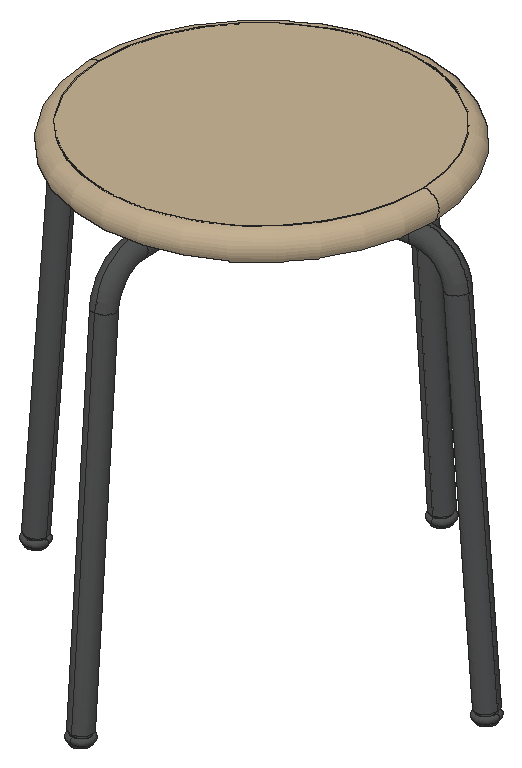
Revit family "NAU_Naughtone_Stng_Penny_AFTERQA", category Furniture, Revit 2020
Family settings
  OmniClass Number = 23.40.20.00
  OmniClass Title = General Furniture and Specialties
  Work Plane-Based = No
  Always vertical = Yes
  Cut with Voids When Loaded = No
  Shared = No
  Room Calculation Point = No
Parameters (values of type "Penny Low Stool")
  WorksurfaceArea = 0.00 m²
  WarrantyStartDate [instance] = "1900-12-31T23:59:59"
  WarrantyGuarantorParts = "sales@naughtone.com"  # constant formula
  WarrantyGuarantorLabor = "sales@naughtone.com"  # constant formula
  WarrantyDurationUnit = "year"
  WarrantyDurationParts = "10"  # constant formula
  WarrantyDurationLabor = "10"  # constant formula
  WarrantyDescription = "Request warranty information from naughtone"  # constant formula
  Version = "1"
  Uniclass2015Version = "Products v1.26"  # constant formula
  Uniclass2015Title = "Chairs, seats and benches"  # constant formula
  Uniclass2015Code = "Pr_40_50_12"  # constant formula
  Uniclass2 = "n/a"
  URL = "www.naughtone.com"
  TagNumber [instance] = "n/a"
  SustainabilityPerformance = "n/a"
  Style = "n/a"
  Size = "350 x 350 x 450 mm"
  Shape = "Circular"  # constant formula
  SerialNumber [instance] = "n/a"
  SeatMaterial = NAU_Generic_Wood_Oak
  SeatDiameter = 160 mm
  Revision = "n/a"
  ReplacementCost = "n/a"
  ProductInformation = "www.naughtone.com"
  NumberOfChairs = 0
  NominalWidth = 350 mm
  NominalLength = 350 mm
  NominalHeight = 450 mm
  Name = "Seating_Penny_Naughtone"  # constant formula
  NBSTypeID = "n/a"
  NBSReference = "45-35-72/352"  # constant formula
  NBSOfficeMasterTag = "n/a"
  NBSDescription = "Seating"  # constant formula
  ModelReference = "Penny Low Stool"
  ModelNumber = "NOPENLO"
  Model = "n/a"
  Material = "Legs in steel. Seat top in solid wood\r\n"  # constant formula
  ManufacturerURL = "www.naughtone.com"
  ManufacturerName = "Naughtone"  # constant formula
  Manufacturer = "sales@naughtone.com"  # constant formula
  MainColor = "n/a"
  Keynote = "n/a"
  IsTall = no
  IsSmall = yes
  IsMedium = no
  IsCircularTableTop [instance] = no
  InstallationDate [instance] = "1900-12-31T23:59:59"
  IfcExportType = "CHAIR"  # constant formula
  IfcExportAs = "IfcFurnishingElementType"
  Grade = "n/a"
  FrameMaterial = NAU_Generic_Metal_Steel_PowderCoatedSteelRAL9005Black
  FootMaterial = NAU_Generic_Plastic_Black
  Finish = "Base is powdercoated steel in RAL 9005 black\r\n"  # constant formula
  Features = "Legs available in 16 different RALs. Tops available in solid oak or walnut\r\n"  # constant formula
  ExpectedLife = "n/a"
  DurationUnit = "year"
  Description = "n/a"
  Default Elevation = 0 mm
  ContactTelephoneNumber = "Knaresborough Tech Park, Manse Lane, Knaresborough, HG5 8LF"  # constant formula
  ContactFaxNumber = "+44 (0) 1423 816500"  # constant formula
  ContactEmailAddress = "sales@naughtone.com"  # constant formula
  Constituents = "n/a"
  Color = "Black base. Oak seat\r\n"  # constant formula
  CodePerformance = "n/a"
  Category = "Pr_40_50_12 : Chairs, seats and benches"  # constant formula
  BarCode [instance] = "n/a"
  BIMObjectName = "NAU_Naughtone_Seating_Penny\r\n"  # constant formula
  Author = "BIMBox"  # constant formula
  AssetType = "Movable"  # constant formula
  AssetIdentifier [instance] = "n/a"
  Assembly Code = "E2020"
  AccessibilityPerformance = "n/a"
Types (4, lengths in mm): name | Size | NominalWidth | NominalLength | NominalHeight | ModelReference | ModelNumber | IsTall | IsSmall | IsMedium
  (no name) | "350 x 350 x 450 mm" | 350 | 350 | 450 | "Penny Low Stool" | "NOPENLO" | no | yes | no
  Penny Low Stool | "350 x 350 x 450 mm" | 350 | 350 | 450 | "Penny Low Stool" | "NOPENLO" | no | yes | no
  Penny Counter Height Stool | "425 x 425 x 650mm" | 425 | 425 | 650 | "Penny Counter Height Stool" | "NOPENCH" | no | no | yes
  Penny Bar Stool | "425 x 425 x 750mm" | 425 | 425 | 750 | "Penny Bar Stool" | "NOPENBS" | yes | no | no
Reference planes
  plane 1 "Center (Front/Back)": y = 0
  plane 2: z = 0
  plane 3 "Center (Left/Right)": x = 0
  plane 4: x = -175
  plane 5: x = 175
  plane 6: y = 175
  plane 7: y = -175
  plane 8: z = 450
Dimensions and locks
  equal spacing: plane 4, plane 3 "Center (Left/Right)", plane 5
  "NominalLength": plane 4 to plane 5
  equal spacing: plane 7, plane 1 "Center (Front/Back)", plane 6
  "NominalWidth": plane 7 to plane 6
  "NominalHeight": plane 8 to plane 2
  aligned and locked: level to plane 2
  aligned and locked: plane 3 "Center (Left/Right)" to nested 1
  aligned and locked: plane 1 "Center (Front/Back)" to nested 1
  aligned and locked: plane 2 to nested 1
Nested families
  nested 1: "PennySeatingNested" at (0, 0, 0), FrameMaterial <- "FrameMaterial", SeatMaterial <- "SeatMaterial", IsMedium <- "IsMedium", IsSmall <- "IsSmall", IsTall <- "IsTall", type "PennySeatingNested"
    with SeatMaterial NAU_Generic_Wood_Oak, IsTall no, IsSmall yes, IsMedium no, FrameMaterial NAU_Generic_Metal_Steel_PowderCoatedSteelRAL9005Black
Definition of nested family "PennySeatingNested"
  Parameters (values of type "Family2")
    SeatMaterial [instance] = none
    IsTall [instance] = no
    IsSmall [instance] = yes
    IsMedium [instance] = no
    FrameMaterial [instance] = none
    FootMaterial = none
    Default Elevation = 0 mm
  Reference planes
    plane 1 "Center (Front/Back)": y = 0
    plane 2: z = 0
    plane 3 "Center (Left/Right)": x = 0
  Forms (mm)
    Extrusion 1, solid, material <- "SeatMaterial", visible <- "IsTall"
      sketch origin (0, 0, 0.203) x (1, 0, 0) y (0, 1, 0)
        loop
          circle (0, 0) r 160
      from 720 to 750
    Sweep 2, solid, material <- "SeatMaterial", visible <- "IsTall"
      path in 3D
        loop
          arc (-160, 0, 750.203) -> (0, 160, 750.203) -> (160, 0, 750.203) r 160
          arc (160, 0, 750.203) -> (0, -160, 750.203) -> (-160, 0, 750.203) r 160
      profile origin (0, -160, 750.203) x (0, -1, 0) y (0, 0, 1)
        loop
          line (0, 0) -> (0, -30)
          arc (0, -30) -> (15, -15) -> (0, 0) r 15
    Sweep 3, solid, visible <- "IsTall"
      path in 3D
        loop
          line (-279.295, 0, 12.596) -> (-159.265, 0, 676.219)
          arc (-159.265, 0, 676.219) -> (-145.548, 0, 699.798) -> (-119.904, 0, 709.1) r 40
          line (-119.904, 0, 709.1) -> (119.904, 0, 709.1)
          arc (119.904, 0, 709.1) -> (145.548, 0, 699.798) -> (159.265, 0, 676.219) r 40
          line (159.265, 0, 676.219) -> (279.295, 0, 12.596)
      profile origin (-219.28, 0, 344.408) x (-0.984034, 0, 0.177983) y (0, -1, 0)
        loop
          circle (0, 0) r 11
    Sweep 4, solid, visible <- "IsTall"
      path in 3D
        loop
          line (0, 279.295, 12.596) -> (0, 159.265, 676.219)
          arc (0, 159.265, 676.219) -> (0, 145.548, 699.798) -> (0, 119.904, 709.1) r 40
          line (0, 119.904, 709.1) -> (0, -119.904, 709.1)
          arc (0, -119.904, 709.1) -> (0, -145.548, 699.798) -> (0, -159.265, 676.219) r 40
          line (0, -159.265, 676.219) -> (0, -279.295, 12.596)
      profile origin (0, 219.28, 344.408) x (-1, 0, 0) y (0, -0.984034, -0.177983)
        loop
          circle (0, 0) r 11
    Sweep 5, solid, material <- "FootMaterial", visible <- "IsTall"
      path in 3D
        loop
          arc (201.963, 0, 314.339) -> (0, 201.963, 314.339) -> (-201.963, 0, 314.339) r 201.963
          arc (-201.963, 0, 314.339) -> (0, -201.963, 314.339) -> (201.963, 0, 314.339) r 201.963
      profile origin (0, -201.963, 314.339) x (0, 1, 0) y (0, 0, 1)
        loop
          circle (0, 0) r 11
    Extrusion 6, solid, material <- "SeatMaterial", visible <- "IsSmall"
      sketch origin (0, 0, -299.802) x (1, 0, 0) y (0, 1, 0)
        loop
          circle (0, 0) r 160
      from 720 to 750
    Sweep 7, solid, material <- "SeatMaterial", visible <- "IsSmall"
      path in 3D
        loop
          arc (-160, 0, 450.198) -> (0, 160, 450.198) -> (160, 0, 450.198) r 160
          arc (160, 0, 450.198) -> (0, -160, 450.198) -> (-160, 0, 450.198) r 160
      profile origin (0, -160, 450.198) x (0, -1, 0) y (0, 0, 1)
        loop
          line (0, 0) -> (0, -30)
          arc (0, -30) -> (15, -15) -> (0, 0) r 15
    Sweep 8, solid, material <- "FootMaterial", visible <- "IsSmall"
      path in 3D
        loop
          line (222.381, 0, 12.196) -> (194.152, 0, 372.345)
          arc (194.152, 0, 372.345) -> (181.431, 0, 398.587) -> (154.274, 0, 409.219) r 40
          line (154.274, 0, 409.219) -> (-154.274, 0, 409.219)
          arc (-154.274, 0, 409.219) -> (-181.431, 0, 398.587) -> (-194.152, 0, 372.345) r 40
          line (-194.152, 0, 372.345) -> (-222.381, 0, 12.196)
      profile origin (-208.266, 0, 192.27) x (0.996942, 0, -0.078142) y (0, -1, 0)
        loop
          circle (0, 0) r 11
    Sweep 9, solid, material <- "FootMaterial", visible <- "IsSmall"
      path in 3D
        loop
          line (0, -222.381, 12.196) -> (0, -194.152, 372.345)
          arc (0, -194.152, 372.345) -> (0, -181.431, 398.587) -> (0, -154.274, 409.219) r 40
          line (0, -154.274, 409.219) -> (0, 154.274, 409.219)
          arc (0, 154.274, 409.219) -> (0, 181.431, 398.587) -> (0, 194.152, 372.345) r 40
          line (0, 194.152, 372.345) -> (0, 222.381, 12.196)
      profile origin (0, 208.266, 192.27) x (1, 0, 0) y (0, -0.996942, -0.078142)
        loop
          circle (0, 0) r 11
    Sweep 10, solid, material <- "SeatMaterial", visible <- "IsTall"
      path in 3D
        loop
          arc (-160, 0, 750.203) -> (0, 160, 750.203) -> (160, 0, 750.203) r 160
          arc (160, 0, 750.203) -> (0, -160, 750.203) -> (-160, 0, 750.203) r 160
      profile origin (0, -160, 750.203) x (0, -1, 0) y (0, 0, 1)
        loop
          line (0, 0) -> (0, -30)
          arc (0, -30) -> (15, -15) -> (0, 0) r 15
    Extrusion 11, solid, material <- "SeatMaterial", visible <- "IsMedium"
      sketch origin (0, 0, 0.203) x (1, 0, 0) y (0, 1, 0)
        loop
          circle (0, 0) r 160
      from 619.913 to 649.913
    Sweep 12, solid, material <- "SeatMaterial", visible <- "IsMedium"
      path in 3D
        loop
          arc (160, 0, 650.116) -> (0, -160, 650.116) -> (-160, 0, 650.116) r 160
          arc (-160, 0, 650.116) -> (0, 160, 650.116) -> (160, 0, 650.116) r 160
      profile origin (0, 160, 650.116) x (0, 1, 0) y (0, 0, 1)
        loop
          line (0, 0) -> (0, -30)
          arc (0, -30) -> (15, -15) -> (0, 0) r 15
    Sweep 13, solid, material <- "FrameMaterial", visible <- "IsMedium"
      path in 3D
        loop
          line (0, 261.002, 12.244) -> (0, 159.054, 576.027)
          arc (0, 159.054, 576.027) -> (0, 145.337, 599.607) -> (0, 119.692, 608.909) r 40
          line (0, 119.692, 608.909) -> (0, -119.692, 608.909)
          arc (0, -119.692, 608.909) -> (0, -145.337, 599.607) -> (0, -159.054, 576.027) r 40
          line (0, -159.054, 576.027) -> (0, -261.002, 12.244)
      profile origin (0, -210.028, 294.136) x (0, 0.984041, -0.177944) y (1, 0, 0)
        loop
          circle (0, 0) r 11
    Sweep 14, solid, material <- "FrameMaterial", visible <- "IsMedium"
      path in 3D
        loop
          line (-260.909, 0, 12.227) -> (-157.213, 0, 580.189)
          arc (-157.213, 0, 580.189) -> (-145.198, 0, 600.782) -> (-122.782, 0, 608.903) r 35
          line (-122.782, 0, 608.903) -> (122.782, 0, 608.903)
          arc (122.782, 0, 608.903) -> (145.198, 0, 600.782) -> (157.213, 0, 580.189) r 35
          line (157.213, 0, 580.189) -> (260.909, 0, 12.227)
      profile origin (-209.061, 0, 296.208) x (-0.983739, 0, 0.179606) y (0, -1, 0)
        loop
          circle (0, 0) r 11
    Revolve 15, solid, material <- "FootMaterial", visible <- "IsSmall"
      sketch origin (-50.625, 0, 0.203) x (1, 0, 0) y (0, 0, 1)
        loop
          line (-171.388, 15.051) -> (-176.25, 15.325)
          arc (-176.25, 15.325) -> (-178.66, 12.663) -> (-179.64, 9.209) r 7.891
          line (-179.64, 9.209) -> (-181.33, 9.305)
          arc (-181.33, 9.305) -> (-184.132, 6.874) -> (-181.781, 4.004) r 2.661
          line (-181.781, 4.004) -> (-181.872, 2.395)
          arc (-181.872, 2.395) -> (-181.501, 1.333) -> (-180.488, 0.844) r 1.471
          line (-180.488, 0.844) -> (-172.217, 0.374) -> (-171.388, 15.051)
        axis (-172.217, 0.374) -> (-171.388, 15.051)
      angle from 0 to 360
    Revolve 16, solid, material <- "FootMaterial", visible <- "IsTall"
      sketch origin (-106.928, 0, 0.203) x (1, 0, 0) y (0, 0, 1)
        loop
          line (-171.388, 15.051) -> (-176.25, 15.325)
          arc (-176.25, 15.325) -> (-178.66, 12.663) -> (-179.64, 9.209) r 7.891
          line (-179.64, 9.209) -> (-181.33, 9.305)
          arc (-181.33, 9.305) -> (-184.132, 6.874) -> (-181.781, 4.004) r 2.661
          line (-181.781, 4.004) -> (-181.872, 2.395)
          arc (-181.872, 2.395) -> (-181.501, 1.333) -> (-180.488, 0.844) r 1.471
          line (-180.488, 0.844) -> (-172.217, 0.374) -> (-171.388, 15.051)
        axis (-172.217, 0.374) -> (-171.388, 15.051)
      angle from 0 to 360
    Revolve 17, solid, material <- "FootMaterial", visible <- "IsMedium"
      sketch origin (-204.21, -0.313, 0.203) x (-1, 0, 0) y (0, 0, 1)
        loop
          line (55.763, 15.051) -> (56.592, 0.374) -> (64.863, 0.844)
          arc (64.863, 0.844) -> (65.876, 1.333) -> (66.247, 2.395) r 1.471
          line (66.247, 2.395) -> (66.156, 4.004)
          arc (66.156, 4.004) -> (68.507, 6.874) -> (65.705, 9.305) r 2.661
          line (65.705, 9.305) -> (64.015, 9.209)
          arc (64.015, 9.209) -> (63.035, 12.663) -> (60.625, 15.325) r 7.891
          line (60.625, 15.325) -> (55.763, 15.051)
        axis (56.592, 0.374) -> (55.763, 15.051)
      angle from 0 to 360
    Revolve 18, solid, material <- "FootMaterial", visible <- "IsTall"
      sketch origin (0, 1.25, 0.203) x (0, 1, 0) y (0, 0, 1)
        loop
          line (-279.95, 15.051) -> (-284.812, 15.325)
          arc (-284.812, 15.325) -> (-287.221, 12.663) -> (-288.202, 9.209) r 7.891
          line (-288.202, 9.209) -> (-289.892, 9.305)
          arc (-289.892, 9.305) -> (-292.694, 6.874) -> (-290.343, 4.004) r 2.661
          line (-290.343, 4.004) -> (-290.434, 2.395)
          arc (-290.434, 2.395) -> (-290.063, 1.333) -> (-289.049, 0.844) r 1.471
          line (-289.049, 0.844) -> (-280.779, 0.374) -> (-279.95, 15.051)
        axis (-280.779, 0.374) -> (-279.95, 15.051)
      angle from 0 to 360
    Revolve 19, solid, material <- "FootMaterial", visible <- "IsSmall"
      sketch origin (0, -57.813, 0.203) x (0, -1, 0) y (0, 0, 1)
        loop
          line (164.325, 15.051) -> (165.154, 0.374) -> (173.424, 0.844)
          arc (173.424, 0.844) -> (174.438, 1.333) -> (174.809, 2.395) r 1.471
          line (174.809, 2.395) -> (174.718, 4.004)
          arc (174.718, 4.004) -> (177.069, 6.874) -> (174.267, 9.305) r 2.661
          line (174.267, 9.305) -> (172.577, 9.209)
          arc (172.577, 9.209) -> (171.596, 12.663) -> (169.187, 15.325) r 7.891
          line (169.187, 15.325) -> (164.325, 15.051)
        axis (165.154, 0.374) -> (164.325, 15.051)
      angle from 0 to 360
    Revolve 20, solid, material <- "FootMaterial", visible <- "IsMedium"
      sketch origin (0.313, -96.085, 0.203) x (0, -1, 0) y (0, 0, 1)
        loop
          line (164.325, 15.051) -> (165.154, 0.374) -> (173.424, 0.844)
          arc (173.424, 0.844) -> (174.438, 1.333) -> (174.809, 2.395) r 1.471
          line (174.809, 2.395) -> (174.718, 4.004)
          arc (174.718, 4.004) -> (177.069, 6.874) -> (174.267, 9.305) r 2.661
          line (174.267, 9.305) -> (172.577, 9.209)
          arc (172.577, 9.209) -> (171.596, 12.663) -> (169.187, 15.325) r 7.891
          line (169.187, 15.325) -> (164.325, 15.051)
        axis (165.154, 0.374) -> (164.325, 15.051)
      angle from 0 to 360
    Revolve 21, solid, material <- "FootMaterial", visible <- "IsSmall"
      sketch origin (50.625, 0, 0.203) x (-1, 0, 0) y (0, 0, -1)
        loop
          line (-171.388, -15.051) -> (-172.217, -0.374) -> (-180.488, -0.844)
          arc (-180.488, -0.844) -> (-181.501, -1.333) -> (-181.872, -2.395) r 1.471
          line (-181.872, -2.395) -> (-181.781, -4.004)
          arc (-181.781, -4.004) -> (-184.132, -6.874) -> (-181.33, -9.305) r 2.661
          line (-181.33, -9.305) -> (-179.64, -9.209)
          arc (-179.64, -9.209) -> (-178.66, -12.663) -> (-176.25, -15.325) r 7.891
          line (-176.25, -15.325) -> (-171.388, -15.051)
        axis (-172.217, -0.374) -> (-171.388, -15.051)
      angle from 0 to 360
    Revolve 22, solid, material <- "FootMaterial", visible <- "IsTall"
      sketch origin (106.928, 0, 0.203) x (-1, 0, 0) y (0, 0, -1)
        loop
          line (-171.388, -15.051) -> (-172.217, -0.374) -> (-180.488, -0.844)
          arc (-180.488, -0.844) -> (-181.501, -1.333) -> (-181.872, -2.395) r 1.471
          line (-181.872, -2.395) -> (-181.781, -4.004)
          arc (-181.781, -4.004) -> (-184.132, -6.874) -> (-181.33, -9.305) r 2.661
          line (-181.33, -9.305) -> (-179.64, -9.209)
          arc (-179.64, -9.209) -> (-178.66, -12.663) -> (-176.25, -15.325) r 7.891
          line (-176.25, -15.325) -> (-171.388, -15.051)
        axis (-172.217, -0.374) -> (-171.388, -15.051)
      angle from 0 to 360
    Revolve 23, solid, material <- "FootMaterial", visible <- "IsMedium"
      sketch origin (204.21, -0.313, 0.203) x (1, 0, 0) y (0, 0, -1)
        loop
          line (55.763, -15.051) -> (60.625, -15.325)
          arc (60.625, -15.325) -> (63.035, -12.663) -> (64.015, -9.209) r 7.891
          line (64.015, -9.209) -> (65.705, -9.305)
          arc (65.705, -9.305) -> (68.507, -6.874) -> (66.156, -4.004) r 2.661
          line (66.156, -4.004) -> (66.247, -2.395)
          arc (66.247, -2.395) -> (65.876, -1.333) -> (64.863, -0.844) r 1.471
          line (64.863, -0.844) -> (56.592, -0.374) -> (55.763, -15.051)
        axis (56.592, -0.374) -> (55.763, -15.051)
      angle from 0 to 360
    Revolve 24, solid, material <- "FootMaterial", visible <- "IsTall"
      sketch origin (0, -1.25, 0.203) x (0, -1, 0) y (0, 0, -1)
        loop
          line (-279.95, -15.051) -> (-280.779, -0.374) -> (-289.049, -0.844)
          arc (-289.049, -0.844) -> (-290.063, -1.333) -> (-290.434, -2.395) r 1.471
          line (-290.434, -2.395) -> (-290.343, -4.004)
          arc (-290.343, -4.004) -> (-292.694, -6.874) -> (-289.892, -9.305) r 2.661
          line (-289.892, -9.305) -> (-288.202, -9.209)
          arc (-288.202, -9.209) -> (-287.221, -12.663) -> (-284.812, -15.325) r 7.891
          line (-284.812, -15.325) -> (-279.95, -15.051)
        axis (-280.779, -0.374) -> (-279.95, -15.051)
      angle from 0 to 360
    Revolve 25, solid, material <- "FootMaterial", visible <- "IsSmall"
      sketch origin (0, 57.813, 0.203) x (0, 1, 0) y (0, 0, -1)
        loop
          line (164.325, -15.051) -> (169.187, -15.325)
          arc (169.187, -15.325) -> (171.596, -12.663) -> (172.577, -9.209) r 7.891
          line (172.577, -9.209) -> (174.267, -9.305)
          arc (174.267, -9.305) -> (177.069, -6.874) -> (174.718, -4.004) r 2.661
          line (174.718, -4.004) -> (174.809, -2.395)
          arc (174.809, -2.395) -> (174.438, -1.333) -> (173.424, -0.844) r 1.471
          line (173.424, -0.844) -> (165.154, -0.374) -> (164.325, -15.051)
        axis (165.154, -0.374) -> (164.325, -15.051)
      angle from 0 to 360
    Revolve 26, solid, material <- "FootMaterial", visible <- "IsMedium"
      sketch origin (0.313, 96.085, 0.203) x (0, 1, 0) y (0, 0, -1)
        loop
          line (164.325, -15.051) -> (169.187, -15.325)
          arc (169.187, -15.325) -> (171.596, -12.663) -> (172.577, -9.209) r 7.891
          line (172.577, -9.209) -> (174.267, -9.305)
          arc (174.267, -9.305) -> (177.069, -6.874) -> (174.718, -4.004) r 2.661
          line (174.718, -4.004) -> (174.809, -2.395)
          arc (174.809, -2.395) -> (174.438, -1.333) -> (173.424, -0.844) r 1.471
          line (173.424, -0.844) -> (165.154, -0.374) -> (164.325, -15.051)
        axis (165.154, -0.374) -> (164.325, -15.051)
      angle from 0 to 360
    Sweep 27, solid, material <- "FrameMaterial", visible <- "IsMedium"
      path in 3D
        loop
          arc (-202.183, 0.053, 214.307) -> (-0.305, 201.931, 214.307) -> (201.573, 0.053, 214.307) r 201.878
          arc (201.573, 0.053, 214.307) -> (-0.305, -201.824, 214.307) -> (-202.183, 0.053, 214.307) r 201.878
      profile origin (-0.305, -201.824, 214.307) x (0, -1, 0) y (0, 0, 1)
        loop
          circle (0, 0) r 11
  Lines and regions (mm)
    sketch lines
      curve 1: arc (160, 0, 750.203) -> (0, -160, 750.203) -> (-160, 0, 750.203) r 160
      curve 2: arc (-160, 0, 750.203) -> (0, 160, 750.203) -> (160, 0, 750.203) r 160
      curve 3: line (-279.295, 0, 12.596) -> (-159.265, 0, 676.219)
      curve 4: arc (-119.904, 0, 709.1) -> (-145.548, 0, 699.798) -> (-159.265, 0, 676.219) r 40
      curve 5: line (-119.904, 0, 709.1) -> (119.904, 0, 709.1)
      curve 6: arc (159.265, 0, 676.219) -> (145.548, 0, 699.798) -> (119.904, 0, 709.1) r 40
      curve 7: line (279.295, 0, 12.596) -> (159.265, 0, 676.219)
      curve 8: line (0, 279.295, 12.596) -> (0, 159.265, 676.219)
      curve 9: arc (0, 119.904, 709.1) -> (0, 145.548, 699.798) -> (0, 159.265, 676.219) r 40
      curve 10: line (0, 119.904, 709.1) -> (0, -119.904, 709.1)
      curve 11: arc (0, -159.265, 676.219) -> (0, -145.548, 699.798) -> (0, -119.904, 709.1) r 40
      curve 12: line (0, -279.295, 12.596) -> (0, -159.265, 676.219)
      curve 13: circle (0, 0, 314.339) r 201.963 normal (0, 0, 1)
      curve 14: arc (160, 0, 450.198) -> (0, -160, 450.198) -> (-160, 0, 450.198) r 160
      curve 15: arc (-160, 0, 450.198) -> (0, 160, 450.198) -> (160, 0, 450.198) r 160
      curve 16: line (-194.152, 0, 372.345) -> (-222.381, 0, 12.196)
      curve 17: arc (-154.274, 0, 409.219) -> (-181.431, 0, 398.587) -> (-194.152, 0, 372.345) r 40
      curve 18: line (-154.274, 0, 409.219) -> (154.274, 0, 409.219)
      curve 19: arc (154.274, 0, 409.219) -> (181.431, 0, 398.587) -> (194.152, 0, 372.345) r 40
      curve 20: line (194.152, 0, 372.345) -> (222.381, 0, 12.196)
      curve 21: line (0, 194.152, 372.345) -> (0, 222.381, 12.196)
      curve 22: arc (0, 154.274, 409.219) -> (0, 181.431, 398.587) -> (0, 194.152, 372.345) r 40
      curve 23: line (0, 154.274, 409.219) -> (0, -154.274, 409.219)
      curve 24: arc (0, -154.274, 409.219) -> (0, -181.431, 398.587) -> (0, -194.152, 372.345) r 40
      curve 25: line (0, -194.152, 372.345) -> (0, -222.381, 12.196)
      curve 26: arc (160, 0, 750.203) -> (0, -160, 750.203) -> (-160, 0, 750.203) r 160
      curve 27: arc (-160, 0, 750.203) -> (0, 160, 750.203) -> (160, 0, 750.203) r 160
      curve 28: arc (-160, 0, 650.116) -> (0, 160, 650.116) -> (160, 0, 650.116) r 160
      curve 29: arc (160, 0, 650.116) -> (0, -160, 650.116) -> (-160, 0, 650.116) r 160
      curve 30: line (0, -159.054, 576.027) -> (0, -261.002, 12.244)
      curve 31: arc (0, -119.692, 608.909) -> (0, -145.337, 599.607) -> (0, -159.054, 576.027) r 40
      curve 32: line (0, -119.692, 608.909) -> (0, 119.692, 608.909)
      curve 33: arc (0, 119.692, 608.909) -> (0, 145.337, 599.607) -> (0, 159.054, 576.027) r 40
      curve 34: line (0, 159.054, 576.027) -> (0, 261.002, 12.244)
      curve 35: line (-260.909, 0, 12.227) -> (-157.213, 0, 580.189)
      curve 36: arc (-122.782, 0, 608.903) -> (-145.198, 0, 600.782) -> (-157.213, 0, 580.189) r 35
      curve 37: line (-122.782, 0, 608.903) -> (122.782, 0, 608.903)
      curve 38: arc (122.782, 0, 608.903) -> (145.198, 0, 600.782) -> (157.213, 0, 580.189) r 35
      curve 39: line (260.909, 0, 12.227) -> (157.213, 0, 580.189)
      curve 40: circle (-0.305, 0.053, 214.307) r 201.878 normal (0, 0, -1)
  Dimensions and locks
    radius of Extrusion 1 sketch curve = 160 mm
    radius of Extrusion 6 sketch curve = 160 mm
    aligned and locked: level to plane 2
